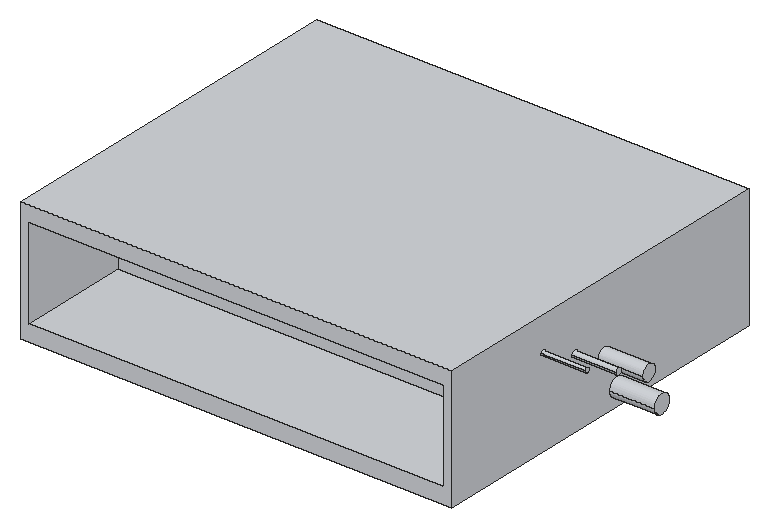
Revit family "EU_SINGLE_IDU_SLIM DUCT S", category Mechanical Equipment, Revit 2016
Family settings
  Part Type = Normal
  Round Connector Dimension = Use Radius
  Work Plane-Based = No
  Always vertical = Yes
  Cut with Voids When Loaded = No
  Shared = No
  Room Calculation Point = No
Parameters (values of type "2.60 kW, 220-240V, SLIM DUCT")
  Voltage [instance] = "220-240 V"
  URL = "www.samsung.com"
  Total Heating Capacity [instance] = 3.3 kW
  Total Cooling Capacity [instance] = 2.6 kW
  System Served = ""
  Supply Air Connection Width [instance] = 674.00 mm
  Supply Air Connection Offset Bottom [instance] = 0.00 mm
  Supply Air Connection Height [instance] = 148.00 mm
  Subscribe for Update Alerts = ""
  Sound Pressure Middle [instance] = "29.00 dB(A)"
  Sound Pressure Low [instance] = "26.00 dB(A)"
  Sound Pressure High [instance] = "32.00 dB(A)"
  Sound Power Cooling [instance] = "53.00 dB(A)"
  Serial Number = ""
  Sensible Cooling Capacity [instance] = 0 kW
  Sales Rep Locator = ""
  Return Air Connection Width [instance] = 281.00 mm
  Return Air Connection Offset Bottom [instance] = 0.00 mm
  Return Air Connection Height [instance] = 150.00 mm
  Refrigerant Type = "R410A"  # constant formula
  Refrigerant Suction Gas Connection Radius [instance] = if(1 = 1, Refrigerant Suction Gas Connection Diameter / 2, 0.00 mm)  # 4.76 mm
  Refrigerant Suction Gas Connection Offset Left [instance] = 246.00 mm
  Refrigerant Suction Gas Connection Offset Bottom [instance] = 115.50 mm
  Refrigerant Suction Gas Connection Diameter [instance] = 9.52 mm
  Refrigerant Liquid Connection Radius [instance] = if(1 = 1, Refrigerant Liquid Connection Diameter / 2, 0.00 mm)  # 3.175 mm
  Refrigerant Liquid Connection Offset Left [instance] = 182.00 mm
  Refrigerant Liquid Connection Offset Bottom [instance] = 145.50 mm
  Refrigerant Liquid Connection Diameter [instance] = 6.35 mm
  Product Page URL = ""
  Product Documentation Link = ""
  Power Supply [instance] = 50 Hz
  Power Input Heating [instance] = 0 W
  Power Input Cooling [instance] = 0 W
  Power Connection Radius [instance] = 15.00 mm
  Power Connection Offset Left [instance] = 333.00 mm
  Power Connection Offset Bottom [instance] = 30.50 mm
  Phase [instance] = 1
  Panel model = ""
  Panel Net Weight = 0.00 kg
  Operating Mode = ""
  Number of poles [instance] = "-"
  Notes = ""
  Net Dimensions Width [instance] = 700.00 mm
  Net Dimensions Height [instance] = 199.00 mm
  Net Dimensions Depth [instance] = 600.00 mm
  Net Weight = 19.40 kg
  Motor Output = 68 W
  Model = "AC026MNLDKH/EU"
  Maximum Rated Over Protection Device [instance] = "Fuse"
  Manufacturer Metadata = ""
  Manufacturer = "SAMSUNG"  # constant formula
  Location = ""
  Heating Leaving Dry Bulb Temperature [instance] = 0 °C
  Heating Entering Dry Bulb Temperature [instance] = 7 °C
  Free Content Downloads = ""
  Family Load Status = "Valid - Type loaded via type catalog"
  External Static Pressure [instance] = "2.50 mmaq"
  Equipment Finish [instance] = Molded case
  Designation = ""
  Design Heating Air Flow Minimum [instance] = "0.00 CMM"
  Design Heating Air Flow Maximum [instance] = "0.00 CMM"
  Design Cooling Air Flow Minimum [instance] = "7.40 CMM"
  Design Cooling Air Flow Maximum [instance] = "9.00 CMM"
  Design Ambient Winter Wet Bulb Temperature [instance] = 6 °C
  Design Ambient Winter Dry Bulb Temperature [instance] = 7 °C
  Design Ambient Summer Dry Bulb Temperature [instance] = 35 °C
  Decoration Panel Finish [instance] = Ivory
  Current Input Heating [instance] = 0 A
  Current Input Cooling [instance] = 0 A
  Cooling Leaving Wet Bulb Temperature [instance] = 0 °C
  Cooling Leaving Dry Bulb Temperature [instance] = 0 °C
  Cooling Entering Wet Bulb Temperature [instance] = 27 °C
  Cooling Entering Dry Bulb Temperature [instance] = 35 °C
  Condensate Drain Connection Radius [instance] = if(1 = 1, Condensate Drain Connection Diameter / 2, 0.00 mm)  # 12.50 mm
  Condensate Drain Connection Offset left [instance] = 307.00 mm
  Condensate Drain Connection Offset Bottom [instance] = 87.00 mm
  Condensate Drain Connection Diameter [instance] = 25.00 mm
  Clearance Type = Do not Include Clearance : Do not Include Clearance
  Clearance Offset Top = 0.00 mm
  Clearance Offset Right = 0.00 mm
  Clearance Offset Left = 0.00 mm
  Clearance Offset Front = 0.00 mm
  Clearance Offset Bottom = 0.00 mm
  Clearance Offset Back = 0.00 mm
  Actual Ventilation Air Flow [instance] = "0.00 CMM"
  Actual Supply Air Flow [instance] = "0.00 CMM"
  Actual Return Air Flow [instance] = "0.00 CMM"
  Actual Air Flow Imbalance [instance] = "0.00 CMM"
Types (2, lengths in mm): name | Total Heating Capacity | Total Cooling Capacity | Sound Pressure Middle | Sound Pressure Low | Sound Pressure High | Model | Design Cooling Air Flow Minimum | Design Cooling Air Flow Maximum
  2.60 kW, 220-240V, SLIM DUCT | 3.3 kW | 2.6 kW | "29.00 dB(A)" | "26.00 dB(A)" | "32.00 dB(A)" | "AC026MNLDKH/EU" | "7.40 CMM" | "9.00 CMM"
  3.50 kW, 220-240V, SLIM DUCT | 4 kW | 3.5 kW | "30.00 dB(A)" | "27.00 dB(A)" | "33.00 dB(A)" | "AC035MNLDKH/EU" | "7.50 CMM" | "9.50 CMM"
Reference planes
  plane 1 "Center (Front/Back)": y = 0
  plane 2 "base": z = 0
  plane 3 "Center (Left/Right)": x = 0
  plane 4: x = -350
  plane 5: x = 350
  plane 6: y = 300
  plane 7: y = -300
  plane 8: z = 199
  plane 9: z = 87
  plane 10: y = 7
  plane 11: y = -118
  plane 12: z = 145.5
  plane 13: y = -54
  plane 14: z = 115.5
  plane 15: y = 33
  plane 16: z = 30.5
  plane 17: x = -337
  plane 18: x = 337
  plane 19: z = 173.5
  plane 20: z = 25.5
  plane 21 "supply": z = 99.5
  plane 22: x = 423.5
  plane 23: x = 140.5
  plane 24: x = -140.5
  plane 25: z = 24.5
  plane 26: z = 174.5
Forms (mm)
  Extrusion 1, solid
    sketch origin (0, 0, 0) x (1, 0, 0) y (0, 1, 0)
      loop
        line (-350, 300) -> (-350, -300) -> (350, -300) -> (350, 300) -> (-350, 300)
    from 0 to 199 <- "Net Dimensions Height"
  Extrusion 2, solid
    sketch origin (0, 0, 0) x (0, 1, 0) y (0, 0, 1)
      loop
        circle (7, 87) r 12.5
    from 350 to 423.5
  Extrusion 3, solid
    sketch origin (0, 0, 0) x (0, 1, 0) y (0, 0, 1)
      loop
        circle (-118, 145.5) r 3.175
    from 350 to 423.5
  Extrusion 4, solid
    sketch origin (0, 0, 0) x (0, 1, 0) y (0, 0, 1)
      loop
        circle (-54, 115.5) r 4.76
    from 350 to 423.5
  Extrusion 5, void
    sketch origin (470, -165, 0) x (-1, 0, 0) y (0, 0, -1)
      loop
        line (807, -173.5) -> (807, -25.5) -> (133, -25.5) -> (133, -173.5) -> (807, -173.5)
    from -47 to 135
  Extrusion 6, void
    sketch origin (0, 0, 0) x (1, 0, 0) y (0, 0, 1)
      loop
        line (140.5, 174.5) -> (-140.5, 174.5) -> (-140.5, 24.5) -> (140.5, 24.5) -> (140.5, 174.5)
    from -300 to -7
  Extrusion 7, solid
    sketch origin (0, 0, 0) x (0, 1, 0) y (0, 0, 1)
      loop
        circle (33, 30.5) r 15
    from 350 to 423.5
Cuts and joins
  Extrusion 5, Extrusion 6 cuts Extrusion 1
Dimensions and locks
  "Net Dimensions Width": plane 4 to plane 5
  "Net Dimensions Depth": plane 6 to plane 7
  equal spacing: plane 6, plane 1 "Center (Front/Back)", plane 7
  equal spacing: plane 4, plane 3 "Center (Left/Right)", plane 5
  "Net Dimensions Height": plane 8 to plane 2 "base"
  "Condensate Drain Connection Offset Bottom": plane 9 to plane 2 "base"
  "Condensate Drain Connection Offset left": plane 7 to plane 10
  "Refrigerant Liquid Connection Offset Bottom": plane 12 to plane 2 "base"
  "Refrigerant Liquid Connection Offset Left": plane 7 to plane 11
  "Refrigerant Suction Gas Connection Offset Bottom": plane 14 to plane 2 "base"
  "Refrigerant Suction Gas Connection Offset Left": plane 7 to plane 13
  "Power Connection Offset Bottom": plane 16 to plane 2 "base"
  "Power Connection Offset Left": plane 7 to plane 15
  equal spacing: plane 19, plane 21 "supply", plane 20
  "Supply Air Connection Height": plane 19 to plane 20
  equal spacing: plane 18, plane 3 "Center (Left/Right)", plane 17
  "Supply Air Connection Width": plane 18 to plane 17
  locked: plane 5 to plane 22 at 73.5
  equal spacing: plane 24, plane 3 "Center (Left/Right)", plane 23
  "Return Air Connection Width": plane 24 to plane 23
  equal spacing: plane 25, plane 21 "supply", plane 26
  "Return Air Connection Height": plane 25 to plane 26
  "Condensate Drain Connection Radius": radius of Extrusion 2 sketch curve
  "Refrigerant Liquid Connection Radius": radius of Extrusion 3 sketch curve
  "Refrigerant Suction Gas Connection Radius": radius of Extrusion 4 sketch curve
  "Power Connection Radius": radius of Extrusion 7 sketch curve
  aligned and locked: level to plane 2 "base"
  aligned and locked: Extrusion 1 sketch curve to plane 6
  aligned and locked: plane 4 to Extrusion 1 sketch curve
  aligned and locked: plane 7 to Extrusion 1 sketch curve
  aligned and locked: plane 5 to Extrusion 1 sketch curve
  aligned and locked: plane 8 to Extrusion 1
  aligned and locked: Extrusion 2 to Extrusion 1
  aligned and locked: Extrusion 3 to Extrusion 1
  aligned and locked: Extrusion 4 to Extrusion 1
  aligned and locked: Extrusion 5 sketch curve to plane 19
  aligned and locked: plane 17 to Extrusion 5 sketch curve
  aligned and locked: plane 20 to Extrusion 5 sketch curve
  aligned and locked: Extrusion 5 sketch curve to plane 18
  aligned and locked: plane 22 to Extrusion 2
  aligned and locked: plane 22 to Extrusion 4
  aligned and locked: plane 22 to Extrusion 3
  aligned and locked: Extrusion 5 to plane 11
  aligned and locked: Extrusion 5 to plane 7
  aligned and locked: plane 26 to Extrusion 6 sketch curve
  aligned and locked: Extrusion 6 sketch curve to plane 23
  aligned and locked: Extrusion 6 sketch curve to plane 25
  aligned and locked: plane 24 to Extrusion 6 sketch curve
  aligned and locked: plane 6 to Extrusion 6
  aligned and locked: Extrusion 6 to plane 10
  aligned and locked: plane 3 "Center (Left/Right)" to nested 1
  aligned and locked: plane 1 "Center (Front/Back)" to nested 1
  aligned and locked: plane 3 "Center (Left/Right)" to nested 2
  aligned and locked: plane 1 "Center (Front/Back)" to nested 2
  aligned and locked: Extrusion 7 to cut or joined group of Extrusion 1, Extrusion 5, Extrusion 6
  aligned and locked: plane 22 to Extrusion 7
Automatic sketch dimensions
  Extrusion 2 sketch curve to plane 9 = 0.00 mm
  Extrusion 2 sketch curve to plane 10 = 0.00 mm
  Extrusion 3 sketch curve to plane 11 = 0.00 mm
  Extrusion 3 sketch curve to plane 12 = 0.00 mm
  Extrusion 4 sketch curve to plane 13 = 0.00 mm
  Extrusion 4 sketch curve to plane 14 = 0.00 mm
  Extrusion 7 sketch curve to plane 15 = 0.00 mm
  Extrusion 7 sketch curve to plane 16 = 0.00 mm
Nested families
  nested 1: "Do not Include Clearance" at (0, 0, 0), type <- "Clearance Type", type "Do not Include Clearance"
    with Equipment Finish none
  nested 2: "Do not Include Clearance" at (0, 0, 0), type <- "Clearance Type", type "Do not Include Clearance"
    with Equipment Finish none
Connectors
  piping at (423.5, 7, 87), diameter 25, driven by "Condensate Drain Connection Radius"
    settings: on Extrusion 2, index 2, connector inside diameter 25 mm, connector length 0.00 mm, flow factor 0, pipe flow 0.0 L/s, pressure drop 0.0 Pa, fitting loss kfactor 0, connector angle 0.00°, fixture units 0, engagement length 0.00 mm, angle of deflection 0.00°, flow configuration 0, flow direction 0, fitting loss method 0, system type 19, joint type 0, gender type 0, connector reference index -1, connector utility 0, adjustable connector no, is connector primary yes, connector description ""
  piping at (423.5, -54, 115.5), diameter 9.52, driven by "Refrigerant Suction Gas Connection Radius"
    settings: on Extrusion 4, index 3, connector inside diameter 12.7 mm, connector length 0.00 mm, flow factor 0, pipe flow 0.0 L/s, pressure drop 0.0 Pa, fitting loss kfactor 0, connector angle 0.00°, fixture units 0, engagement length 0.00 mm, angle of deflection 0.00°, flow configuration 0, flow direction 0, fitting loss method 0, system type 19, joint type 0, gender type 0, connector reference index -1, connector utility 0, adjustable connector no, is connector primary no, connector description ""
  piping at (423.5, -118, 145.5), diameter 6.35, driven by "Refrigerant Liquid Connection Radius"
    settings: on Extrusion 3, index 4, connector inside diameter 6.35 mm, connector length 0.00 mm, flow factor 0, pipe flow 0.0 L/s, pressure drop 0.0 Pa, fitting loss kfactor 0, connector angle 0.00°, fixture units 0, engagement length 0.00 mm, angle of deflection 0.00°, flow configuration 0, flow direction 0, fitting loss method 0, system type 19, joint type 0, gender type 0, connector reference index -1, connector utility 0, adjustable connector no, is connector primary no, connector description ""
  hvac at (0, -300, 99.5), driven by "Supply Air Connection Height", driven by "Supply Air Connection Width"
    settings: on cut or joined group of Extrusion 1, Extrusion 5, Extrusion 6, index 5, duct flow 0.0 L/s, flow factor 0, pres drop 0.0 Pa, loss coef 0, conn angle 0.00°, conn width 674 mm, conn height 148 mm, conn diameter 609.6 mm, duct sys type 1, conn prof type 1, flow config 0, flow direction 0, loss method 0, conn ref index -1, conn util no, is conn primary yes, conn desc ""
  hvac at (0, 300, 99.5), driven by "Return Air Connection Height", driven by "Return Air Connection Width"
    settings: on cut or joined group of Extrusion 1, Extrusion 5, Extrusion 6, index 6, duct flow 0.0 L/s, flow factor 0, pres drop 0.0 Pa, loss coef 0, conn angle 0.00°, conn width 281 mm, conn height 150 mm, conn diameter 609.6 mm, duct sys type 2, conn prof type 1, flow config 2, flow direction 0, loss method 0, conn ref index -1, conn util no, is conn primary no, conn desc ""
  electrical at (423.5, 33, 30.5)
    settings: on Extrusion 7, index 7, voltage 220 V, apparent load 0 VA, apparent load phase1 0 VA, apparent load phase2 0 VA, apparent load phase3 0 VA, power factor 1, load classification "Other", number of poles 1, system type 30, power factor state 1, is connector primary yes, connector utility no, sub classification motor no, connector description ""
Definition of nested family "Do not Include Clearance"
  Parameters
    Width = 650.00 mm
    URL = ""
    Manufacturer = ""
    Length = 1000.00 mm
    Height = 250.00 mm
    Equipment Finish [instance] = none
    Copyright © = ""
    Clearance Offset Top = 0.00 mm
    Clearance Offset Right = 0.00 mm
    Clearance Offset Left = 0.00 mm
    Clearance Offset Front = 0.00 mm
    Clearance Offset Bottom = 0.00 mm
    Clearance Offset Back = 0.00 mm
    Assembly Code = ""
  Reference planes
    plane 1 "Center (Front/Back)": y = 0
    plane 2 "Bottom": z = 0
    plane 3 "Center (Left/Right)": x = 0
    plane 4 "Left": x = -500
    plane 5 "Back": y = 325
    plane 6 "Right": x = 500
    plane 7 "Front": y = -325
    plane 8 "Top": z = 250
    plane 9 "Clearance Offset Right": x = 500
    plane 10 "Clearance Offset Left": x = -500
    plane 11 "Clearance Offset Back": y = 325
    plane 12 "Clearance Offset Front": y = -325
    plane 13 "Clearance Offset Top": z = 250
    plane 14: z = 0
  Lines and regions (mm)
    symbolic lines
      curve 1: line (-500, 0, 250) -> (500, 0, 250)
      curve 2: line (-500, 0, 0) -> (-500, 0, 250)
      curve 3: line (500, 0, 0) -> (-500, 0, 0)
      curve 4: line (500, 0, 250) -> (500, 0, 0)
      curve 5: line (0, 325, 250) -> (0, -325, 250)
      curve 6: line (0, 325, 0) -> (0, 325, 250)
      curve 7: line (0, -325, 0) -> (0, 325, 0)
      curve 8: line (0, -325, 250) -> (0, -325, 0)
      curve 9: line (-500, 325, 0) -> (500, 325, 0)
      curve 10: line (-500, -325, 0) -> (-500, 325, 0)
      curve 11: line (500, -325, 0) -> (-500, -325, 0)
      curve 12: line (500, 325, 0) -> (500, -325, 0)
  Text (mm)
    text "Copyright © Daikin Industries, Ltd. 2008" at (0.011, 0.009, 0), in view "Ref. Level"
  Dimensions and locks
    equal spacing: plane 4 "Left", plane 3 "Center (Left/Right)", plane 6 "Right"
    "Length": plane 4 "Left" to plane 6 "Right"
    equal spacing: plane 5 "Back", plane 1 "Center (Front/Back)", plane 7 "Front"
    "Width": plane 5 "Back" to plane 7 "Front"
    "Height": plane 8 "Top" to plane 2 "Bottom"
    "Clearance Offset Front": plane 12 "Clearance Offset Front" to plane 7 "Front"
    "Clearance Offset Back": plane 11 "Clearance Offset Back" to plane 5 "Back"
    "Clearance Offset Left": plane 10 "Clearance Offset Left" to plane 4 "Left"
    "Clearance Offset Right": plane 6 "Right" to plane 9 "Clearance Offset Right"
    "Clearance Offset Top": plane 13 "Clearance Offset Top" to plane 8 "Top"
    curve 3 to plane 14 = 0.00 mm
    "Clearance Offset Bottom": plane 2 "Bottom" to plane 14
    aligned and locked: plane 2 "Bottom" to level
    aligned and locked: curve 1 to plane 13 "Clearance Offset Top"
    aligned and locked: plane 9 "Clearance Offset Right" to curve 4
    aligned and locked: plane 10 "Clearance Offset Left" to curve 2
    aligned and locked: plane 14 to curve 3
    aligned and locked: curve 8 to plane 12 "Clearance Offset Front"
    aligned and locked: curve 5 to plane 13 "Clearance Offset Top"
    aligned and locked: curve 6 to plane 11 "Clearance Offset Back"
    aligned and locked: plane 14 to curve 7
  Automatic sketch dimensions
    plane 7 "Front" to curve 11 = 0.00 mm
    curve 11 to plane 10 "Clearance Offset Left" = 0.00 mm
    curve 11 to plane 9 "Clearance Offset Right" = 0.00 mm
    curve 10 to plane 5 "Back" = 0.00 mm
